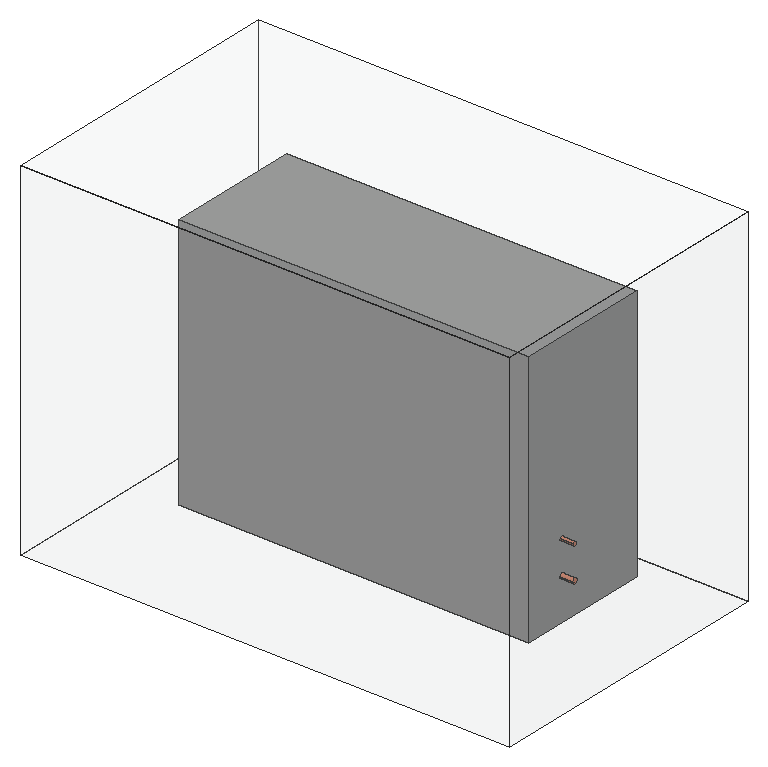
Revit family "Hitachi_RAC-E25_E35YHA_Outdoor_Unit_0718", category Mechanical Equipment, Revit 2015
Parameters (values of type "RAC-E35YHA")
  Weight (kg) = 34
  Unit Width = 750 mm
  Unit Height = 548 mm
  URL = "www.temperzone.biz"
  Top Clearance = 200 mm
  Sound Pressure Level (dbA) - Cool / Heat = "47 / 48"
  Right Clearance = 200 mm
  Refrigerant Type = "R32"  # constant formula
  Refrigerant Pipe Charge Length = "20m"
  Refrig Pipe Offset from Back = 202 mm
  Radius pipe Top LIQUID = 3.2 mm
  Radius Pipe Bottom GAS = 4.7 mm
  Power Suppy = "240 / 1"
  Pipe Length (min./max.) = "3m to 20m"
  Pipe Height (max.) = "10m"
  Pipe Connection Size - Liquid = "6.35 mm"
  Pipe Connection Size - Gas = "9.5 mm"
  Outdoor Operating Temp. (heating) C db = "21 to -15 C"
  Outdoor Operating Temp. (cooling) C db = "46 to -10 C"
  Model - Indoor = "RAS-E35YHA"
  Model = "RAC-E35YHA"
  Recommended External Protection = 15 A
  Material = "Hitachi - Outdoor Unit"
  Manufacturer = "Temperzone / Hitachi"
  Left Clearance = 100 mm
  Interconnecting Wires = "3 + E, 1.5 mm"
  Height Refrig Pipe (Bottom - GAS) = 91 mm
  Height Refig Pipe (Top LIQUID) = 162.5 mm
  Heating Range = "0.9 - 5.0 kW"
  Heating Capacity = 4000 W
  Front Clearance = 300 mm
  Unit Depth = 288 mm
  EER Cooling = 3.75
  Description = "Hitachi Outdoor Unit RAC-E35YHA"
  Cooling Range = "0.9 - 4.0 kW"
  Cooling Capacity = 3500 W
  Clearance = Default
  COP Heating = 4.23
  Back Clearance = 50 mm
  Airflow - Hi = 217.0 L/s
Types (3, lengths in mm): name | Sound Pressure Level (dbA) - Cool / Heat | Model - Indoor | Model | Heating Range | Heating Capacity | EER Cooling | Description | Cooling Range | Cooling Capacity | COP Heating | Airflow - Hi
  (no name) | "47 / 48" | "RAS-E35YHA" | "RAC-E35YHA" | "0.9 - 5.0 kW" | 4000 W | 3.75 | "Hitachi Outdoor Unit RAC-E35YHA" | "0.9 - 4.0 kW" | 3500 W | 4.23 | 217.0 L/s
  RAC-E25YHA | "46 / 47" | "RAS-E25YHA" | "RAC-E25YHA" | "0.9 - 4.4 kW" | 3200 W | 4.51 | "Hitachi Outdoor Unit RAC-E25YHA" | "0.9 - 3.1 kW" | 2500 W | 4.74 | 158.0 L/s
  RAC-E35YHA | "47 / 48" | "RAS-E35YHA" | "RAC-E35YHA" | "0.9 - 5.0 kW" | 4000 W | 3.75 | "Hitachi Outdoor Unit RAC-E35YHA" | "0.9 - 4.0 kW" | 3500 W | 4.23 | 217.0 L/s
Reference planes
  plane 1 "Center (Front/Back)": y = 0
  plane 2: z = 0
  plane 3 "Center (Left/Right)": x = 0
  plane 4 "Front": y = -288
  plane 5 "Back Clearance": y = 50
  plane 6 "Right": x = 375
  plane 7 "Left": x = -375
  plane 8 "Front Clearance": y = -588
  plane 9 "Right Clearance": x = 575
  plane 10 "left Clearance": x = -475
  plane 11 "Top": z = 548
  plane 12 "Top Clearance": z = 748
  plane 13 "Refrig Lines": y = -202
  plane 14: z = 162.5
  plane 15: z = 91
  plane 16 "Circle Centre horizontal": z = 274
  plane 17 "Circle centre vertical": x = -75
  plane 18: x = 225
  plane 19: x = 325
  plane 20: z = 523.5
  plane 21: z = 24.5
Forms (mm)
  Extrusion 1, solid, material "Steel, Paint Finish, Ivory, Matte"
    sketch origin (0, 0, 0) x (1, 0, 0) y (0, 1, 0)
      loop
        line (-375, 0) -> (-375, -288) -> (375, -288) -> (375, 0) -> (-375, 0)
    from 0 to 548
  Extrusion 2, solid, material "Clearance Zone"
    sketch origin (0, 0, 0) x (1, 0, 0) y (0, 1, 0)
      loop
        line (-475, 50) -> (-475, -588) -> (575, -588) -> (575, 50) -> (-475, 50)
    from 0 to 748
  Extrusion 3, solid, material "Copper"
    sketch origin (375, 0, 0) x (0, -1, 0) y (0, 0, -1)
      loop
        circle (202, -162.5) r 3.2
    from 0 to 30
  Extrusion 4, solid, material "Copper"
    sketch origin (375, 0, 0) x (0, -1, 0) y (0, 0, -1)
      loop
        circle (202, -91) r 4.7
    from 0 to 30
Lines and regions (mm)
  model lines
    curve 1: circle (-75, -288, 274) r 250 normal (0, 1, 0)
    curve 2: line (225, -288, 523.5) -> (325, -288, 523.5)
    curve 3: line (225, -288, 24.5) -> (225, -288, 523.5)
    curve 4: line (325, -288, 24.5) -> (225, -288, 24.5)
    curve 5: line (325, -288, 523.5) -> (325, -288, 24.5)
Dimensions and locks
  equal spacing: plane 7 "Left", plane 3 "Center (Left/Right)", plane 6 "Right"
  "Unit Width": plane 7 "Left" to plane 6 "Right"
  "Unit Depth": plane 4 "Front" to plane 1 "Center (Front/Back)"
  "Back Clearance": plane 1 "Center (Front/Back)" to plane 5 "Back Clearance"
  "Unit Height": plane 11 "Top" to plane 2
  "Top Clearance": plane 12 "Top Clearance" to plane 11 "Top"
  "Left Clearance": plane 10 "left Clearance" to plane 7 "Left"
  "Right Clearance": plane 6 "Right" to plane 9 "Right Clearance"
  "Front Clearance": plane 4 "Front" to plane 8 "Front Clearance"
  "Refrig Pipe Offset from Back": plane 13 "Refrig Lines" to plane 1 "Center (Front/Back)"
  "Height Refrig Pipe (Bottom - GAS)": plane 15 to level
  "Height Refig Pipe (Top LIQUID)": plane 14 to level
  locked: plane 7 "Left" to plane 17 "Circle centre vertical" at 300
  equal spacing: plane 11 "Top", plane 16 "Circle Centre horizontal", level
  locked: plane 18 to plane 17 "Circle centre vertical" at 300
  locked: plane 19 to plane 6 "Right" at 50
  equal spacing: plane 20, plane 16 "Circle Centre horizontal", plane 21
  locked: plane 20 to plane 21 at 499
  "Radius pipe Top LIQUID": radius of Extrusion 3 sketch curve
  "Radius Pipe Bottom GAS": radius of Extrusion 4 sketch curve
  aligned and locked: level to plane 2
  aligned and locked: plane 1 "Center (Front/Back)" to Extrusion 1 sketch curve
  aligned and locked: Extrusion 1 sketch curve to plane 7 "Left"
  aligned and locked: plane 4 "Front" to Extrusion 1 sketch curve
  aligned and locked: Extrusion 1 sketch curve to plane 6 "Right"
  aligned and locked: plane 11 "Top" to Extrusion 1
  aligned and locked: Extrusion 1 to plane 2
  aligned and locked: Extrusion 2 sketch curve to plane 5 "Back Clearance"
  aligned and locked: plane 10 "left Clearance" to Extrusion 2 sketch curve
  aligned and locked: plane 8 "Front Clearance" to Extrusion 2 sketch curve
  aligned and locked: Extrusion 2 sketch curve to plane 9 "Right Clearance"
  aligned and locked: plane 12 "Top Clearance" to Extrusion 2
  aligned and locked: Extrusion 2 to plane 2
  aligned and locked: plane 20 to curve 2
  aligned and locked: curve 3 to plane 18
  aligned and locked: curve 4 to plane 21
  aligned and locked: curve 5 to plane 19
Automatic sketch dimensions
  curve 1 to plane 16 "Circle Centre horizontal" = 0 mm
  curve 1 to plane 17 "Circle centre vertical" = 0 mm
  Extrusion 3 sketch curve to plane 13 "Refrig Lines" = 0 mm
  Extrusion 3 sketch curve to plane 14 = 0 mm
  Extrusion 4 sketch curve to plane 13 "Refrig Lines" = 0 mm
  Extrusion 4 sketch curve to plane 15 = 0 mm
  radius of curve 1 = 250 mm
Connectors
  piping at (405, -202, 162.5), diameter 6.4, driven by "Radius pipe Top LIQUID"
    settings: on Extrusion 3, index 1, connector inside diameter 6.4 mm, connector length 0 mm, flow factor 0, pipe flow 0.0 L/s, pressure drop 0.0 Pa, fitting loss kfactor 0, connector angle 0.00°, fixture units 0, engagement length 0 mm, angle of deflection 0.00°, flow configuration 2, flow direction 0, fitting loss method 0, system type 22, joint type 0, gender type 0, connector reference index -1, connector utility 0, adjustable connector no, is connector primary yes, connector description "Liquid Line (top)"
  piping at (405, -202, 91), diameter 9.4, driven by "Radius Pipe Bottom GAS"
    settings: on Extrusion 4, index 2, connector inside diameter 9.4 mm, connector length 0 mm, flow factor 0, pipe flow 0.0 L/s, pressure drop 0.0 Pa, fitting loss kfactor 0, connector angle 0.00°, fixture units 0, engagement length 0 mm, angle of deflection 0.00°, flow configuration 0, flow direction 0, fitting loss method 4, system type 22, joint type 0, gender type 0, connector reference index -1, connector utility 0, adjustable connector no, is connector primary no, connector description "Gas Line (Bottom)"
